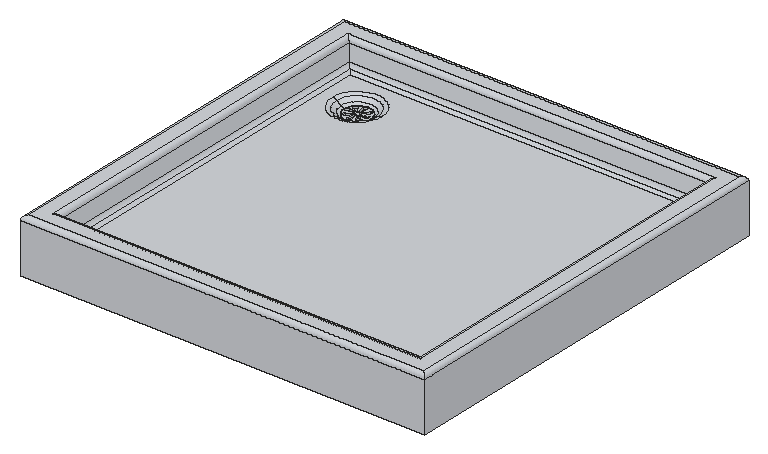
Revit family
Parameters (values of type "900 x 900")
  Width = 900 mm
  Material = none
  Manufacturer = "Revit"
  Depth = 900 mm
  Assembly Code = ""
Types (11, lengths in mm): name | Width | Depth | Assembly Code
  (no name) | 900 | 900 | ""
  800 x 800 | 800 | 800 | "D2010710"
  800 x 700 | 800 | 700 | "D2010710"
  700 x 700 | 700 | 700 | "D2010710"
  900 x 700 | 900 | 700 | "D2010710"
  700 x 900 | 700 | 900 | "D2010710"
  700 x 800 | 700 | 800 | "D2010710"
  900 x 750 | 900 | 750 | "D2010710"
  750 x 750 | 750 | 750 | "D2010710"
  900 x 900 | 900 | 900 | ""
  850 x 850 | 850 | 850 | "D2010710"
Reference planes
  plane 1 "Center (Front/Back)": y = 0
  plane 2: z = 0
  plane 3 "Center (Left/Right)": x = 0
  plane 4: x = -450
  plane 5: y = 450
  plane 6: x = 450
  plane 7: y = -450
  plane 8: x = -300
  plane 9: y = 300
Forms (mm)
  Sweep 1, solid, material <- "Material"
    path origin (0, 0, 0) x (1, 0, 0) y (0, 1, 0)
      loop
        line (-450, 450) -> (-450, -450) -> (450, -450) -> (450, 450) -> (-450, 450)
    profile origin (0, 0, 0) x (0, 1, 0) y (0, 0, 1)
      loop
        line (450, 0) -> (450, 110)
        arc (450, 110) -> (447.071, 117.071) -> (440, 120) r 10
        line (440, 120) -> (410, 120)
        arc (410, 120) -> (402.929, 117.071) -> (400, 110) r 10
        line (400, 110) -> (394.149, 76.818)
        arc (394.149, 76.818) -> (392.193, 71.056) -> (388.595, 66.149) r 20
        line (388.595, 66.149) -> (382.446, 60) -> (382.446, 0) -> (450, 0)
  Extrusion 2, solid, material <- "Material"
    sketch origin (0, 0, 0) x (1, 0, 0) y (0, 1, 0)
      loop
        circle (-300, 300) r 30
      loop
        line (382.446, 382.446) -> (-382.446, 382.446) -> (-382.446, -382.446) -> (382.446, -382.446) -> (382.446, 382.446)
    from 0 to 60
  Revolve 3, void
    sketch origin (0, 300, 0) x (1, 0, 0) y (0, 0, 1)
      loop
        line (-300, 45) -> (-278.333, 45)
        arc (-278.333, 45) -> (-270.428, 46.283) -> (-263.333, 50) r 25
        line (-263.333, 50) -> (-254, 57)
        arc (-254, 57) -> (-249.743, 59.23) -> (-245, 60) r 15
        line (-245, 60) -> (-240, 60) -> (-240, 70) -> (-300, 70) -> (-300, 45)
      axis (-300, 45) -> (-300, 70)
    angle from 0 to 360
  Extrusion 4, solid
    sketch origin (0, 0, 3.364) x (1, 0, 0) y (0, 1, 0)
      loop
        circle (-300, 300) r 30
      loop
        arc (-302.144, 307.224) -> (-300.094, 305.174) -> (-298.044, 307.224) r 2.05
        line (-298.044, 307.224) -> (-295.017, 321.53)
        arc (-295.017, 321.53) -> (-300, 326.513) -> (-304.983, 321.53) r 4.983
        line (-304.983, 321.53) -> (-302.144, 307.224)
      loop
        line (-302.144, 292.776) -> (-304.983, 278.47)
        arc (-304.983, 278.47) -> (-300, 273.487) -> (-295.017, 278.47) r 4.983
        line (-295.017, 278.47) -> (-298.044, 292.776)
        arc (-298.044, 292.776) -> (-300.094, 294.826) -> (-302.144, 292.776) r 2.05
      loop
        arc (-307.224, 297.856) -> (-305.174, 299.906) -> (-307.224, 301.956) r 2.05
        line (-307.224, 301.956) -> (-321.53, 304.983)
        arc (-321.53, 304.983) -> (-326.513, 300) -> (-321.53, 295.017) r 4.983
        line (-321.53, 295.017) -> (-307.224, 297.856)
      loop
        line (-292.776, 297.856) -> (-278.47, 295.017)
        arc (-278.47, 295.017) -> (-273.487, 300) -> (-278.47, 304.983) r 4.983
        line (-278.47, 304.983) -> (-292.776, 301.956)
        arc (-292.776, 301.956) -> (-294.826, 299.906) -> (-292.776, 297.856) r 2.05
      loop
        arc (-306.624, 303.593) -> (-303.725, 303.593) -> (-303.725, 306.492) r 2.05
        line (-303.725, 306.492) -> (-311.701, 318.747)
        arc (-311.701, 318.747) -> (-318.747, 318.747) -> (-318.747, 311.701) r 4.983
        line (-318.747, 311.701) -> (-306.624, 303.593)
      loop
        line (-296.407, 293.376) -> (-288.299, 281.253)
        arc (-288.299, 281.253) -> (-281.253, 281.253) -> (-281.253, 288.299) r 4.983
        line (-281.253, 288.299) -> (-293.508, 296.275)
        arc (-293.508, 296.275) -> (-296.407, 296.275) -> (-296.407, 293.376) r 2.05
      loop
        arc (-303.593, 293.376) -> (-303.593, 296.275) -> (-306.492, 296.275) r 2.05
        line (-306.492, 296.275) -> (-318.747, 288.299)
        arc (-318.747, 288.299) -> (-318.747, 281.253) -> (-311.701, 281.253) r 4.983
        line (-311.701, 281.253) -> (-303.593, 293.376)
      loop
        line (-293.376, 303.593) -> (-281.253, 311.701)
        arc (-281.253, 311.701) -> (-281.253, 318.747) -> (-288.299, 318.747) r 4.983
        line (-288.299, 318.747) -> (-296.275, 306.492)
        arc (-296.275, 306.492) -> (-296.275, 303.593) -> (-293.376, 303.593) r 2.05
    from 40.065 to 43.065
Cuts and joins
  Revolve 3 cuts Sweep 1
  Revolve 3 cuts Extrusion 2
  joined: Sweep 1, Extrusion 2
Lines and regions (mm)
  symbolic lines
    curve 1: line (-450, 450, 0) -> (450, 450, 0)
    curve 2: line (-450, -450, 0) -> (-450, 450, 0)
    curve 3: line (450, -450, 0) -> (-450, -450, 0)
    curve 4: line (450, 450, 0) -> (450, -450, 0)
    curve 5: line (-400, 400, 0) -> (400, 400, 0)
    curve 6: line (400, 400, 0) -> (400, -400, 0)
    curve 7: line (400, -400, 0) -> (-400, -400, 0)
    curve 8: line (-400, -400, 0) -> (-400, 400, 0)
    curve 9: circle (-300, 300, 0) r 30 normal (0, 0, 1)
Dimensions and locks
  "Width": plane 4 to plane 6
  "Depth": plane 7 to plane 5
  equal spacing: plane 7, plane 1 "Center (Front/Back)", plane 5
  equal spacing: plane 4, plane 3 "Center (Left/Right)", plane 6
  locked: plane 4 to plane 8 at 150
  locked: plane 9 to plane 5 at 150
  aligned and locked: plane 4 to Sweep 1 sketch curve
  aligned and locked: plane 5 to Sweep 1 sketch curve
  aligned and locked: plane 7 to Sweep 1 sketch curve
  aligned and locked: plane 6 to Sweep 1 sketch curve
  aligned and locked: Extrusion 2 sketch curve to Sweep 1  (x4)
  aligned and locked: Revolve 3 sketch curve to plane 8  (x2)
  aligned and locked: curve 1 to cut or joined group of Sweep 1, Extrusion 2, Revolve 3  (x2)
  aligned and locked: cut or joined group of Sweep 1, Extrusion 2, Revolve 3 to curve 4
  aligned and locked: curve 4 to cut or joined group of Sweep 1, Extrusion 2, Revolve 3
Automatic sketch dimensions
  Extrusion 2 sketch curve to plane 8 = 0 mm
  Extrusion 2 sketch curve to plane 9 = 0 mm
  Sweep 1 sketch curve to level = 0 mm
  Sweep 1 sketch curve to profile plane = 0 mm
  profile plane to Sweep 1 sketch curve = 10 mm
  Sweep 1 sketch curve to Sweep 1 sketch curve = 30 mm
  Sweep 1 sketch curve to Sweep 1 sketch curve = 10 mm
  Sweep 1 sketch curve to Sweep 1 sketch curve = 5.851 mm
  Sweep 1 sketch curve to Sweep 1 sketch curve = 5.554 mm
  Sweep 1 sketch curve to Sweep 1 sketch curve = 6.149 mm  (x2)
  Sweep 1 sketch curve to Sweep 1 sketch curve = 19.696 mm
  level to Sweep 1 sketch curve = 60 mm
  Sweep 1 sketch curve to Sweep 1 sketch curve = 10.669 mm
  Sweep 1 sketch curve to Sweep 1 sketch curve = 33.182 mm
  Revolve 3 sketch curve to plane 8 = 21.667 mm
  Revolve 3 sketch curve to Revolve 3 sketch curve = 15 mm
  Revolve 3 sketch curve to Revolve 3 sketch curve = 9.333 mm
  Revolve 3 sketch curve to Revolve 3 sketch curve = 9 mm
  Revolve 3 sketch curve to Revolve 3 sketch curve = 5 mm  (x2)
  Revolve 3 sketch curve to level = 508 mm
  level to Revolve 3 sketch curve = 45 mm
  Revolve 3 sketch curve to Revolve 3 sketch curve = 0 mm  (x2)
  Revolve 3 sketch curve to Revolve 3 sketch curve = 7 mm
  Revolve 3 sketch curve to Revolve 3 sketch curve = 558 mm
  Extrusion 4 sketch curve to plane 9 = 0 mm  (x3)
  Extrusion 4 sketch curve to plane 8 = 0 mm  (x3)
  plane 8 to Extrusion 4 sketch curve = 0.094 mm  (x2)
  Extrusion 4 sketch curve to Extrusion 4 sketch curve = 2.05 mm  (x2)
  Extrusion 4 sketch curve to Extrusion 4 sketch curve = 1.449 mm  (x12)
  Extrusion 4 sketch curve to Extrusion 4 sketch curve = 1.582 mm  (x3)
  plane 8 to Extrusion 4 sketch curve = 4.983 mm  (x2)
  plane 9 to Extrusion 4 sketch curve = 0.094 mm  (x2)
  Extrusion 4 sketch curve to Extrusion 4 sketch curve = 0.733 mm  (x2)
  Extrusion 4 sketch curve to Extrusion 4 sketch curve = 6.718 mm  (x4)
  Extrusion 4 sketch curve to Extrusion 4 sketch curve = 3.523 mm  (x12)
  Extrusion 4 sketch curve to plane 9 = 11.701 mm  (x2)
  plane 9 to Extrusion 4 sketch curve = 4.983 mm  (x2)
  Extrusion 4 sketch curve to Extrusion 4 sketch curve = 2.783 mm  (x4)
  Extrusion 4 sketch curve to Extrusion 4 sketch curve = 1.636 mm  (x2)
  Extrusion 4 sketch curve to Extrusion 4 sketch curve = 1.769 mm
  plane 9 to Extrusion 4 sketch curve = 3.725 mm
  Extrusion 4 sketch curve to plane 9 = 3.593 mm
  Extrusion 4 sketch curve to Extrusion 4 sketch curve = 0.6 mm  (x3)
  plane 9 to Extrusion 4 sketch curve = 11.701 mm
  Extrusion 4 sketch curve to Extrusion 4 sketch curve = 10.241 mm
  plane 9 to Extrusion 4 sketch curve = 7.224 mm
  curve 9 to plane 8 = 0 mm
  curve 9 to plane 9 = 0 mm
  curve 7 to plane 4 = 50 mm
  plane 6 to curve 5 = 50 mm
  curve 8 to plane 7 = 50 mm
  plane 5 to curve 5 = 50 mm
  radius of Extrusion 2 sketch curve = 30 mm
  radius of Extrusion 4 sketch curve = 30 mm
  radius of curve 9 = 30 mm
